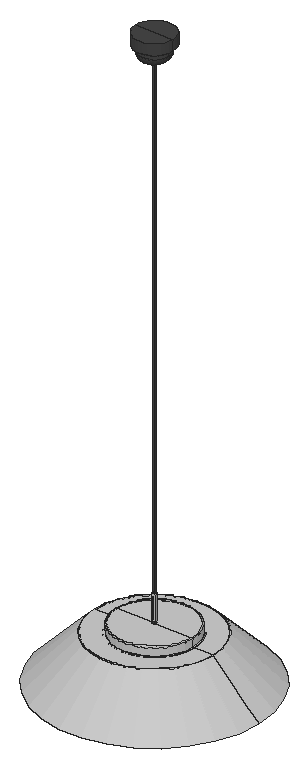
Revit family "Orchid 16,20,24,30 LED", category Lighting Fixtures, Revit 2020
Family settings
  Round Connector Dimension = Use Diameter
  Part Type = Normal
  OmniClass Number = 23.80.70.00
  OmniClass Title = Lighting
  Work Plane-Based = No
  Always vertical = Yes
  Cut with Voids When Loaded = No
  Light Source = Yes
  Shared = No
  Room Calculation Point = No
Parameters (values of type "MDO30")
  Weight = "8.5 lbs"
  Wattage Comments = "24W"
  Wattage = 2.4 W
  Warranty = "5 year limited warranty"  # constant formula
  built-in parameter 1150110 = 1 (stored number, unit not read)
  Voltage = 277 V
  URL = "https://www.anplighting.com/assets/Uploads/product-attachments/specification-sheets/ANP-Specification-Sheet-LED-MDO30.pdf"
  built-in parameter 1114217 = 1 (stored number, unit not read)
  Tilt Angle = 90.00°
  built-in parameter 1150109 = 1 (stored number, unit not read)
  built-in parameter 1150134 = (empty or 0)
  built-in parameter 1150113 = 1 (stored number, unit not read)
  Mounting Option [instance] = 1
  Power Factor = 1
  Post Mount [instance] = Mounting Option = 5  # no
  Placement X axis side [instance] = if(Post Mount, 2' 2 15/32", if(Cord or Stem Mount, 0' 0", if(E36 20 inch, 1' 8 1/4", if(E 6 26 inch, 2' 2", if(E7 41 inch, 3' 5 1/4", 0' 1")))))  # 0' - 0"
  Photometric Web File = "MDO24M024LD35K.IES"
  Model = "MDO30"
  Manufacturer = "ANP Lighting"  # constant formula
  MDO30 = yes
  MDO24 = no
  MDO20 = no
  MDO16 = no
  built-in parameter 1150105 = 3000 (stored number, unit not read)
  Lumens = 3000 lm
  built-in parameter 1150115 = 1 (stored number, unit not read)
  Load Classification = Lighting
  Light Source Height [instance] = 0' - 9"
  built-in parameter 1150137 = (empty or 0)
  built-in parameter 1150139 = (empty or 0)
  Light Elevation _2 [instance] = if(Post Mount, 0' 0.66142", if(E7 41 inch, 0' 0.66142", if(E36 20 inch, 0' 1.65748", if(E 6 26 inch, 0' 1.53543", if(Cord or Stem Mount, (0' 4.3622" + Cord Length), 0' 0")))))  # 6' - 4.3622"
  Light Elevation _1 [instance] = if(Post Mount, 0' 0", if(E7 41 inch, 0' 0", if(E36 20 inch, 0' 1", if(E 6 26 inch, 0' 0.87402", if(Cord or Stem Mount, (0' 3.66142" + Cord Length), 0' 0")))))  # 6' - 3.66142"
  Light Elevation [instance] = if(Post Mount, 14' 0.5315", if(E7 41 inch, 0' 0", 0' 0"))  # 0' - 0"
  Life = "L70 50,000 hours"  # constant formula
  built-in parameter 1150112 = 1 (stored number, unit not read)
  built-in parameter 1150114 = 1 (stored number, unit not read)
  Lamp = "LED"
  built-in parameter 1150132 = 2
  built-in parameter 1150102 = (empty or 0)
  built-in parameter 1150107 = 3500 (stored number, unit not read)
  built-in parameter 1150138 = (empty or 0)
  built-in parameter 1150106 = 30 (stored number, unit not read)
  GLASS = Glass
  Fixture Height = 0' - 10"
  Fixture Finish = Fixture Finish
  Fixture Diameter = 1' - 8"
  Efficiency = "65-125 lumens per watt"  # constant formula
  built-in parameter 1150104 = 116.13 (stored number, unit not read)
  E7 41 inch [instance] = Mounting Option = 4  # no
  E36 20 inch [instance] = Mounting Option = 3  # no
  E 6 26 inch [instance] = Mounting Option = 2  # no
  Dimming Lamp Color Temperature Shift = <None>
  Dimming = "1%"  # constant formula
  Description = "120-277 Voltage"  # constant formula
  Default Elevation = 0' - 0"
  Cord or Stem Mount [instance] = Mounting Option = 1  # yes
  Cord Length option [instance] = 0
  Cord Length [instance] = if([2' Cord], 2' 0", if([4' Cord], 4' 0", if([8' Cord], 8' 0", if([10' Cord], 10' 0", if([6' Cord], 6' 0", 6' 0")))))  # 6' - 0"
  Construction Material = "Heavy Duty spun aluminum."  # constant formula
  Color Filter = 16777215
  CRI = ">90"  # constant formula
  Body Material = body
  Body Colour = "Spun aluminium"  # constant formula
  built-in parameter 1114218 = 1 (stored number, unit not read)
  built-in parameter 1150133 = 10 (stored number, unit not read)
  Apparent Load = 24 VA
  8' Cord [instance] = Cord Length option = 8  # no
  6' Cord [instance] = Cord Length option = 6  # no
  4' Cord [instance] = Cord Length option = 4  # no
  2' Cord [instance] = Cord Length option = 2  # no
  10' Cord [instance] = Cord Length option = 10  # no
Types (5): name | Weight | Wattage Comments | Wattage | URL | Photometric Web File | Model | MDO30 | MDO24 | MDO20 | MDO16 | built-in parameter 1150105 | Lumens | Light Source Height | built-in parameter 1150106 | Fixture Height | Fixture Diameter | Apparent Load
  (no name) | "8.5 lbs" | "24W" | 2.4 W | "https://www.anplighting.com/assets/Uploads/product-attachments/specification-sheets/ANP-Specification-Sheet-LED-MDO30.pdf" | "MDO24M024LD35K.IES" | "MDO30" | yes | no | no | no | 3000 (stored number, unit not read) | 3000 lm | 0' - 9" | 30 (stored number, unit not read) | 0' - 10" | 1' - 8" | 24 VA
  MDO16 | "7 lbs" | "10W" | 1 W | "https://www.anplighting.com/assets/Uploads/product-attachments/specification-sheets/ANP-Specification-Sheet-LED-MDO16.pdf" | "MDO16M010LD35K.IES" | "MDO16" | no | no | no | yes | 1250 (stored number, unit not read) | 1250 lm | 0' - 5" | 12.5 (stored number, unit not read) | 0' - 5 3/4" | 1' - 4" | 10 VA
  MDO20 | "7.5 lbs" | "16W" | 1.6 W | "https://www.anplighting.com/assets/Uploads/product-attachments/specification-sheets/ANP-Specification-Sheet-LED-MDO20.pdf" | "MDO20M016LD35K.IES" | "MDO20" | no | no | yes | no | 2000 (stored number, unit not read) | 2000 lm | 0' - 6" | 20 (stored number, unit not read) | 0' - 6 1/2" | 1' - 8" | 16 VA
  MDO24 | "8.0 lbs" | "24W" | 2.4 W | "https://www.anplighting.com/assets/Uploads/product-attachments/specification-sheets/ANP-Specification-Sheet-LED-MDO24.pdf" | "MDO24M024LD35K.IES" | "MDO24" | no | yes | no | no | 3000 (stored number, unit not read) | 3000 lm | 0' - 7 1/2" | 30 (stored number, unit not read) | 0' - 8" | 2' - 0" | 24 VA
  MDO30 | "8.5 lbs" | "24W" | 2.4 W | "https://www.anplighting.com/assets/Uploads/product-attachments/specification-sheets/ANP-Specification-Sheet-LED-MDO30.pdf" | "MDO24M024LD35K.IES" | "MDO30" | yes | no | no | no | 3000 (stored number, unit not read) | 3000 lm | 0' - 9" | 30 (stored number, unit not read) | 0' - 10" | 1' - 8" | 24 VA
Reference planes (in)
  plane 1 "Light Source Axis (F/B)": y = 0
  plane 2: z = 0
  plane 3 "Light Source Axis (L/R)": x = 0
  plane 4 "Light Source Elevation": z = 0
  plane 5: z = 0
  plane 6: x = 0
  plane 7 "Bulb Position": z = -76.3622
  plane 8 "Canopy Position": z = -75.66142
  plane 9 "IES": z = -85.3622
Dimensions and locks (in)
  "Light Elevation": plane 5 to plane 2
  "Placement X axis side": plane 6 to plane 3 "Light Source Axis (L/R)"
  "Light Elevation _2": plane 5 to plane 7 "Bulb Position"
  "Light Elevation _1": plane 5 to plane 8 "Canopy Position"
  "Light Source Height": plane 7 "Bulb Position" to plane 9 "IES"
  locked: plane 4 "Light Source Elevation" to plane 2
  aligned and locked: level to plane 2
  aligned and locked: plane 1 "Light Source Axis (F/B)" to nested 5
  aligned and locked: nested 5 to plane 2
  aligned and locked: nested 1 to plane 3 "Light Source Axis (L/R)"
  aligned and locked: plane 3 "Light Source Axis (L/R)" to nested 2
  aligned and locked: plane 3 "Light Source Axis (L/R)" to nested 4
  aligned and locked: nested 3 to plane 5
  aligned and locked: plane 3 "Light Source Axis (L/R)" to nested 3
  aligned and locked: plane 3 "Light Source Axis (L/R)" to nested 5
  aligned and locked: plane 1 "Light Source Axis (F/B)" to nested 2
  aligned and locked: plane 1 "Light Source Axis (F/B)" to nested 1
  aligned and locked: plane 1 "Light Source Axis (F/B)" to nested 4
  aligned and locked: plane 1 "Light Source Axis (F/B)" to nested 3
  aligned and locked: plane 2 to nested 1
  aligned and locked: plane 2 to nested 2
  aligned and locked: nested 4 to plane 2
  aligned and locked: imposter light to plane 9 "IES"
  aligned and locked: imposter light to plane 6
  aligned and locked: nested 6 to plane 8 "Canopy Position"
  aligned and locked: nested 6 to plane 6
  aligned and locked: nested 8 to plane 8 "Canopy Position"
  aligned and locked: nested 8 to plane 6
  aligned and locked: nested 7 to plane 6
  aligned and locked: nested 7 to plane 8 "Canopy Position"
  aligned and locked: nested 9 to plane 6
  aligned and locked: nested 9 to plane 8 "Canopy Position"
Nested families (in)
  nested 1: "CORD OR STEM MOUNT" at (0, 0, -75.67), visible <- "Cord or Stem Mount", Cord or Stem Mount <- "Cord or Stem Mount", Body Material <- "Body Material", Light Elevation <- "Light Elevation", Cord Length <- "Cord Length", 10' Cord <- "10' Cord", 2' Cord <- "2' Cord", 4' Cord <- "4' Cord", 6' Cord <- "6' Cord", 8' Cord <- "8' Cord", type "CORD OR STEM MOUNT"
    with Light Elevation 0' - 0", Cord or Stem Mount yes, Cord Length 6' - 0", Body Material body, 8' Cord no, 6' Cord no, 4' Cord no, 2' Cord no, 10' Cord no
  nested 2: "E6 26 INCH" at (0, 0, 0), visible <- "E 6 26 inch", Chain Length <- "Cord Length", E 6 26 inch <- "E 6 26 inch", Placement X axis side <- "Placement X axis side", Body Material <- "Body Material", Light Elevation <- "Light Elevation", type "E6 26 INCH"
    with Placement X axis side 0' - 0", Light Elevation 0' - 0", E 6 26 inch no, Chain Length 6' - 0", Body Material body
  nested 3: "E7 41 INCH" at (0, 0, 0), Chain Length <- "Cord Length", visible <- "E7 41 inch", E7 41 inch <- "E7 41 inch", Placement X axis side <- "Placement X axis side", Body Material <- "Body Material", Light Elevation <- "Light Elevation", type "E7 41 INCH"
    with Placement X axis side 0' - 0", Light Elevation 0' - 0", E7 41 inch no, Chain Length 6' - 0", Body Material body
  nested 4: "E36 20 INCH" at (0, 0, 0), visible <- "E36 20 inch", E36 20 inch <- "E36 20 inch", Placement X axis side <- "Placement X axis side", Chain Length <- "Cord Length", Body Material <- "Body Material", Light Elevation <- "Light Elevation", type "E36 20 INCH"
    with Placement X axis side 0' - 0", Light Elevation 0' - 0", E36 20 inch no, Chain Length 6' - 0", Body Material body
  nested 5: "POST MOUNT" at (0, 0, 0), visible <- "Post Mount", Post Mount <- "Post Mount", Placement X axis side <- "Placement X axis side", Chain Length <- "Cord Length", Body Material <- "Body Material", Light Elevation <- "Light Elevation", type "POST MOUNT"
    with Post Mount no, Placement X axis side 0' - 0", Light Elevation 0' - 0", Chain Length 6' - 0", Body Material body
  nested 6: "MDO16" at (0, 0, -75.66142), Light Elevation <- "Light Elevation", Body <- "Fixture Finish", MDO16 <- "MDO16", visible <- "MDO16", GLASS <- "GLASS", type "MDO16"
    with MDO16 no, Light Elevation 0' - 0", GLASS Glass, Body Fixture Finish
  nested 7: "MDO20" at (0, 0, -75.66142), Light Elevation <- "Light Elevation", Body <- "Fixture Finish", MDO20 <- "MDO20", visible <- "MDO20", GLASS <- "GLASS", type "MDO20"
    with MDO20 no, Light Elevation 0' - 0", GLASS Glass, Body Fixture Finish
  nested 8: "MDO24" at (0, 0, -75.66142), Light Elevation <- "Light Elevation", Body <- "Fixture Finish", MDO24 <- "MDO24", GLASS <- "GLASS", visible <- "MDO24", type "MDO24"
    with MDO24 no, Light Elevation 0' - 0", GLASS Glass, Body Fixture Finish
  nested 9: "MDO30" at (0, 0, -75.66142), Light Elevation <- "Light Elevation", Body <- "Fixture Finish", visible <- "MDO30", GLASS <- "GLASS", MDO30 <- "MDO30", type "MDO30"
    with MDO30 yes, Light Elevation 0' - 0", GLASS Glass, Body Fixture Finish
Definition of nested family "CORD OR STEM MOUNT"
  Parameters (values of type "CORD OR STEM MOUNT")
    URL = ""
    Model = ""
    Manufacturer = ""
    Light Elevation [instance] = 1' - 7.69"
    Default Elevation = 0' - 0"
    Cord or Stem Mount [instance] = yes
    Cord Length [instance] = 6' - 0"
    Body Material [instance] = none
    8' Cord [instance] = no
    6' Cord [instance] = no
    4' Cord [instance] = no
    2' Cord [instance] = no
    10' Cord [instance] = no
  Reference planes (in)
    plane 1 "Light Source Axis (F/B)": y = 0
    plane 2: z = 0
    plane 3 "Light Source Axis (L/R)": x = 0
    plane 4 "Light Source Elevation": z = 23.125
    plane 5: z = 91.69
    plane 6: z = 19.69
  Forms (in)
    Extrusion 1, void, not visible
      sketch origin (0, 0, 2.38154) x (1, 0, 0) y (0, 0, 1)
        loop
          circle (0, 4.59925) r 0.16583
      from 1.18594 to 1.75
    Extrusion 2, void, not visible
      sketch origin (0, 0, 2.38154) x (0.707107, -0.707107, 0) y (0, 0, 1)
        loop
          circle (0, 4.59925) r 0.16583
      from 1.18594 to 1.75
    Extrusion 3, void, not visible
      sketch origin (0, 0, 2.38154) x (0.707107, 0.707107, 0) y (0, 0, 1)
        loop
          circle (0, 4.59925) r 0.16583
      from 1.18594 to 1.75
    Extrusion 4, void, not visible
      sketch origin (0, 0, 2.38154) x (0, 1, 0) y (0, 0, 1)
        loop
          circle (0, 4.59925) r 0.16583
      from 1.18594 to 1.75
    Extrusion 5, void, not visible
      sketch origin (0, 0, 2.38154) x (-0.707107, 0.707107, 0) y (0, 0, 1)
        loop
          circle (0, 4.59925) r 0.16583
      from 1.18594 to 1.75
    Extrusion 6, void, not visible
      sketch origin (0, 0, 2.38154) x (-1, 0, 0) y (0, 0, 1)
        loop
          circle (0, 4.59925) r 0.20678
      from 1.18594 to 1.75
    Extrusion 7, void, not visible
      sketch origin (0, 0, 2.38154) x (-0.707107, -0.707107, 0) y (0, 0, 1)
        loop
          circle (0, 4.59925) r 0.16583
      from 1.18594 to 1.75
    Extrusion 8, void, not visible
      sketch origin (0, 0, 2.38154) x (0, -1, 0) y (0, 0, 1)
        loop
          circle (0, 4.59925) r 0.16583
      from 1.18594 to 1.75
    Revolve 9, solid, material <- "Body Material", visible <- "Cord or Stem Mount"
      sketch origin (0, 0, 174.56698) x (1, 0, 0) y (0, 0, 1)
        loop
          line (2.6875, -79.20698) -> (0, -79.20698) -> (0, -82.87698) -> (0.125, -82.87698) -> (0.125, -82.83698) -> (0.75, -82.83698)
          arc (0.75, -82.83698) -> (0.81694, -82.77004) -> (0.75, -82.7031) r 0.06694
          line (0.75, -82.7031) -> (0.89763, -82.7031) -> (1.00223, -82.5985) -> (1.06587, -82.5985)
          arc (1.06587, -82.5985) -> (1.80099, -82.29401) -> (2.10549, -81.55888) r 1.03962
          line (2.10549, -81.55888) -> (2.10549, -81.03899)
          arc (2.10549, -81.03899) -> (2.12951, -80.981) -> (2.1875, -80.95698) r 0.08201
          line (2.1875, -80.95698) -> (2.1875, -80.70698) -> (2.6875, -80.70698) -> (2.6875, -79.20698)
        axis (0, -79.20698) -> (0, -82.87698)
      angle from 0 to 360
    Revolve 10, solid, material <- "Body Material", visible <- "Cord or Stem Mount"
      sketch origin (0, 0, 0) x (1, 0, 0) y (0, 0, 1)
        loop
          line (0, 91.69) -> (-0.125, 91.69) -> (-0.125, 19.69) -> (0, 19.69) -> (0, 91.69)
        axis (0, 19.69) -> (0, 91.69)
      angle from 0 to 360
  Dimensions and locks (in)
    "Light Elevation": plane 6 to plane 2
    "Cord Length": plane 5 to plane 6
    locked: Revolve 10 sketch curve to Revolve 10 sketch curve at 0.125
    aligned and locked: level to plane 2
    aligned and locked: Revolve 10 sketch curve to plane 3 "Light Source Axis (L/R)"
    aligned and locked: Revolve 10 sketch curve to plane 6
    aligned and locked: Revolve 10 sketch curve to plane 5
    aligned and locked: plane 3 "Light Source Axis (L/R)" to Revolve 10 sketch curve
  Automatic sketch dimensions
    Revolve 9 sketch curve to plane 3 "Light Source Axis (L/R)" = 0' - 0"  (x2)
    Revolve 9 sketch curve to plane 5 = 0' - 0"
    plane 3 "Light Source Axis (L/R)" to Revolve 9 sketch curve = 0' - 0 1/8"
    Revolve 9 sketch curve to plane 5 = 0' - 0.17388"
    Revolve 9 sketch curve to Revolve 9 sketch curve = 0' - 0 5/8"
    Revolve 9 sketch curve to Revolve 9 sketch curve = 0' - 0.14763"
    Revolve 9 sketch curve to plane 5 = 0' - 0.27847"
    Revolve 9 sketch curve to Revolve 9 sketch curve = 0' - 0.1046"
    Revolve 9 sketch curve to Revolve 9 sketch curve = 0' - 0.06364"
    Revolve 9 sketch curve to Revolve 9 sketch curve = 0' - 1.03962"
    Revolve 9 sketch curve to Revolve 9 sketch curve = 0' - 0 21/256"
    Revolve 9 sketch curve to Revolve 9 sketch curve = 0' - 0 1/2"  (x2)
    Revolve 9 sketch curve to Revolve 9 sketch curve = 0' - 0.51989"
    Revolve 9 sketch curve to Revolve 9 sketch curve = 0' - 0 1/4"
    Revolve 9 sketch curve to Revolve 9 sketch curve = 0' - 2.3519"
    Revolve 9 sketch curve to Revolve 9 sketch curve = 0' - 1 1/4"
    Revolve 9 sketch curve to Revolve 9 sketch curve = 0' - 0.04"
    Revolve 10 sketch curve to Revolve 10 sketch curve = 0' - 0 1/2"
    Revolve 10 sketch curve to Revolve 10 sketch curve = 0' - 0.42345"
Definition of nested family "MDO30"
  Parameters (values of type "MDO30")
    MDO30 [instance] = yes
    Light Elevation [instance] = 0' - 0"
    GLASS [instance] = none
    Default Elevation = 0' - 0"
    Body [instance] = none
  Reference planes (in)
    plane 1 "Center (Front/Back)": y = 0
    plane 2: z = 0
    plane 3 "Center (Left/Right)": x = 0
    plane 4: z = 0
  Dimensions and locks (in)
    "Light Elevation": plane 4 to plane 2
    aligned and locked: plane 2 to level
    aligned and locked: plane 3 "Center (Left/Right)" to nested 1
    aligned and locked: plane 1 "Center (Front/Back)" to nested 1
    aligned and locked: nested 1 to plane 4
  Nested families (in)
    nested 1: "ORCHID-MD030" at (0, 0, -10), Body <- "Body", GLASS <- "GLASS", visible <- "MDO30", MDO30 <- "MDO30", type "ORCHID-MD030"
      with MDO30 yes, GLASS none, Body none
  Definition of nested family "ORCHID-MD030"
    Parameters (values of type "ORCHID-MD030")
      MDO30 [instance] = yes
      GLASS [instance] = none
      Default Elevation = 0' - 0"
      Body [instance] = none
    Reference planes (in)
      plane 1 "Center (Front/Back)": y = 0
      plane 2: z = 0
      plane 3 "Center (Left/Right)": x = 0
    Forms (in)
      Revolve 1, solid, material <- "GLASS", visible <- "MDO30"
        sketch origin (0, 0, -1) x (1, 0, 0) y (0, 0, 1)
          loop
            line (-8.4375, 1) -> (-8.4375, 1.08) -> (-8.8125, 1.08)
            arc (-8.8125, 1.08) -> (-8.82857, 1.08297) -> (-8.84253, 1.09148) r 0.045
            line (-8.84253, 1.09148) -> (-11.78351, 3.72597) -> (-11.84016, 3.66932) -> (-8.8959, 1.03189)
            arc (-8.8959, 1.03189) -> (-8.85715, 1.00825) -> (-8.8125, 1) r 0.125
            line (-8.8125, 1) -> (-8.4375, 1)
          axis (0, 1) -> (0, 3.72597)
        angle from 0 to 360
      Revolve 2, solid, material <- "GLASS", visible <- "MDO30"
        sketch origin (0, 0, -1) x (1, 0, 0) y (0, 0, 1)
          loop
            line (0, 1.08) -> (0, 1.1425) -> (-8.75, 1.1425) -> (-8.75, 1.08) -> (0, 1.08)
          axis (0, 1.08) -> (0, 1.1425)
        angle from 0 to 360
      Revolve 3, solid, material <- "Body", visible <- "MDO30"
        sketch origin (0, 0, -1) x (1, 0, 0) y (0, 0, 1)
          loop
            line (-8.46686, 9.76375) -> (-5.75, 9.76375) -> (-5.53, 9.76375) -> (-5.53, 9.84375) -> (-8.47411, 9.84375)
            arc (-8.47411, 9.84375) -> (-8.49803, 9.83899) -> (-8.51831, 9.82544) r 0.0625
            line (-8.51831, 9.82544) -> (-15, 3.34375) -> (-14.88686, 3.34375) -> (-8.46686, 9.76375)
          axis (0, 3.34375) -> (0, 9.84375)
        angle from 0 to 360
      Revolve 4, solid, material <- "Body", visible <- "MDO30"
        sketch origin (0, 0, -1) x (1, 0, 0) y (0, 0, 1)
          loop
            line (-0.25, 10.90438) -> (-0.25, 11) -> (-5.39, 11)
            arc (-5.39, 11) -> (-5.46778, 10.96778) -> (-5.5, 10.89) r 0.11
            line (-5.5, 10.89) -> (-5.5, 9.84188) -> (-5.75, 9.84188) -> (-5.75, 9.76188) -> (-5.5, 9.76188)
            arc (-5.5, 9.76188) -> (-5.44343, 9.78531) -> (-5.42, 9.84188) r 0.08
            line (-5.42, 9.84188) -> (-5.42, 10.87438)
            arc (-5.42, 10.87438) -> (-5.41121, 10.89559) -> (-5.39, 10.90438) r 0.03
            line (-5.39, 10.90438) -> (-0.25, 10.90438)
          axis (0, 9.76188) -> (0, 11)
        angle from 0 to 360
      Revolve 5, solid, material <- "Body", visible <- "MDO30"
        sketch origin (0, 0, -1) x (1, 0, 0) y (0, 0, 1)
          loop
            line (-0.25, 11.34375) -> (-0.125, 11.34375) -> (-0.125, 14.84375) -> (-0.25, 14.84375) -> (-0.25, 11.34375)
          axis (0, 11.34375) -> (0, 14.84375)
        angle from 0 to 360
    Dimensions and locks (in)
      aligned and locked: plane 2 to level
Definition of nested family "E6 26 INCH"
  Parameters (values of type "E6 26 INCH")
    URL = ""
    Placement X axis side [instance] = 2' - 2"
    Model = ""
    Manufacturer = ""
    Light Elevation [instance] = 8' - 4"
    E 6 26 inch [instance] = yes
    Default Elevation = 0' - 0"
    Chain Length [instance] = 0' - 0"
    Body Material [instance] = none
  Reference planes (in)
    plane 1 "Light Source Axis (F/B)": y = 0
    plane 2: z = 0
    plane 3 "Light Source Axis (L/R)": x = 0
    plane 4 "Light Source Elevation": z = 23.125
    plane 5: z = 100
    plane 6: x = -26
    plane 7: z = 99.125
    plane 8: x = -24.12
    plane 9: x = -25.5474
  Forms (in)
    Extrusion 1, void, not visible
      sketch origin (0, 0, 2.38154) x (1, 0, 0) y (0, 0, 1)
        loop
          circle (0, 4.59925) r 0.16583
      from 1.18594 to 1.75
    Extrusion 2, void, not visible
      sketch origin (0, 0, 2.38154) x (0.707107, -0.707107, 0) y (0, 0, 1)
        loop
          circle (0, 4.59925) r 0.16583
      from 1.18594 to 1.75
    Extrusion 3, void, not visible
      sketch origin (0, 0, 2.38154) x (0.707107, 0.707107, 0) y (0, 0, 1)
        loop
          circle (0, 4.59925) r 0.16583
      from 1.18594 to 1.75
    Extrusion 4, void, not visible
      sketch origin (0, 0, 2.38154) x (0, 1, 0) y (0, 0, 1)
        loop
          circle (0, 4.59925) r 0.16583
      from 1.18594 to 1.75
    Extrusion 5, void, not visible
      sketch origin (0, 0, 2.38154) x (-0.707107, 0.707107, 0) y (0, 0, 1)
        loop
          circle (0, 4.59925) r 0.16583
      from 1.18594 to 1.75
    Extrusion 6, void, not visible
      sketch origin (0, 0, 2.38154) x (-1, 0, 0) y (0, 0, 1)
        loop
          circle (0, 4.59925) r 0.20678
      from 1.18594 to 1.75
    Extrusion 7, void, not visible
      sketch origin (0, 0, 2.38154) x (-0.707107, -0.707107, 0) y (0, 0, 1)
        loop
          circle (0, 4.59925) r 0.16583
      from 1.18594 to 1.75
    Extrusion 8, void, not visible
      sketch origin (0, 0, 2.38154) x (0, -1, 0) y (0, 0, 1)
        loop
          circle (0, 4.59925) r 0.16583
      from 1.18594 to 1.75
    Sweep 9, solid, material <- "Body Material", visible <- "E 6 26 inch"
      path origin (-41.25, 0, 168.51693) x (1, 0, 0) y (0, 0, 1)
        loop
          line (17.13, -68.51693) -> (27.68551, -68.51693)
          arc (27.68551, -68.51693) -> (28.47996, -68.34486) -> (29.13202, -67.8595) r 1.92004
          line (29.13202, -67.8595) -> (34.23651, -62.01155)
          arc (34.23651, -62.01155) -> (38.65464, -60.89667) -> (41.25, -64.64193) r 4
          line (41.25, -64.64193) -> (41.25, -69.39193)
      profile origin (-18.84224, 0, 100) x (0, 0, 1) y (0, -1, 0)
        loop
          circle (0, 0) r 0.5
    Revolve 10, solid, material <- "Body Material", visible <- "E 6 26 inch"
      sketch origin (-26, 0, 168.51693) x (1, 0, 0) y (0, 0, 1)
        loop
          line (0, -66.07943) -> (0, -68.51693) -> (1.88, -68.51693) -> (1.88, -67.69272) -> (0.4526, -67.69272) -> (0.4526, -66.54122) -> (0.33125, -66.54122) -> (0.33125, -66.07943) -> (0, -66.07943)
        axis (0, -68.51693) -> (1.88, -68.51693)
      angle from 0 to 360
    Extrusion 11, solid, material <- "Body Material", visible <- "E 6 26 inch"
      sketch origin (-26, 0, 168.51693) x (0, -1, 0) y (0, 0, -1)
        loop
          line (0.25, 68.51693) -> (0.25, 69.51693) -> (-0.25, 69.51693) -> (-0.25, 68.51693) -> (0.25, 68.51693)
      from 0.4526 to 1.88
  Cuts and joins
    joined: Revolve 10, Extrusion 11
  Dimensions and locks (in)
    "Light Elevation": plane 5 to plane 2
    "Placement X axis side": plane 3 "Light Source Axis (L/R)" to plane 6
    locked: plane 5 to plane 7 at 0.875
    Revolve 10 sketch curve to Revolve 10 sketch curve to Revolve 10 sketch curve to plane 6 = 0' - 1.4274" locked, 0' - 0.12135" locked, 0' - 0.33125" locked
    Revolve 10 sketch curve to Revolve 10 sketch curve to Revolve 10 sketch curve to plane 5 = 0' - 0.46179" locked, 0' - 1.1515" locked, 0' - 0 211/256" locked
    locked: Sweep 9 sketch curve to plane 6 at 1.88
    locked: Sweep 9 sketch curve to Sweep 9 sketch curve at 10.55551
    locked: Sweep 9 sketch curve to Sweep 9 sketch curve at 13.56449
    locked: Sweep 9 sketch curve to Sweep 9 sketch curve at 4.75
    locked: plane 9 to plane 6 at 0.4526
    locked: plane 8 to plane 9 at 1.4274
    aligned and locked: level to plane 2
    aligned and locked: Revolve 10 sketch curve to plane 6
    aligned and locked: plane 5 to Revolve 10 sketch curve
    aligned and locked: Revolve 10 sketch curve to plane 5
    aligned and locked: cut or joined group of Revolve 10, Extrusion 11 to plane 9
    aligned and locked: plane 8 to cut or joined group of Revolve 10, Extrusion 11
  Automatic sketch dimensions
    Sweep 9 sketch curve to plane 5 = 0' - 0"
    Sweep 9 sketch curve to Sweep 9 sketch curve = 0' - 4"
    Sweep 9 sketch curve to Sweep 9 sketch curve = 0' - 3.01349"
    plane 5 to Sweep 9 sketch curve = 0' - 0.65743"
    Sweep 9 sketch curve to Sweep 9 sketch curve = 0' - 1.4465"
    Sweep 9 sketch curve to plane 5 = 0' - 0 7/8"
    profile plane to Sweep 9 sketch curve = 0' - 0"
    Sweep 9 sketch curve to profile plane = 0' - 0"
    plane 6 to Revolve 10 sketch curve = 0' - 0.62562"
    Revolve 10 sketch curve to Revolve 10 sketch curve = 0' - 0 1/2"
    Extrusion 11 sketch curve to plane 5 = 0' - 0"
    plane 1 "Light Source Axis (F/B)" to Extrusion 11 sketch curve = 0' - 0 1/4"
    Extrusion 11 sketch curve to plane 1 "Light Source Axis (F/B)" = 0' - 0 1/4"
    plane 5 to Extrusion 11 sketch curve = 0' - 1"
    radius of Sweep 9 sketch curve = 0' - 0 1/2"
Definition of nested family "E7 41 INCH"
  Parameters (values of type "E7 41 INCH")
    URL = ""
    Placement X axis side [instance] = 4' - 2"
    Model = ""
    Manufacturer = ""
    Light Elevation [instance] = 8' - 4"
    E7 41 inch [instance] = yes
    Default Elevation = 0' - 0"
    Chain Length [instance] = 0' - 0"
    Body Material [instance] = none
  Reference planes (in)
    plane 1 "Light Source Axis (F/B)": y = 0
    plane 2: z = 0
    plane 3 "Light Source Axis (L/R)": x = 0
    plane 4 "Light Source Elevation": z = 23.125
    plane 5: z = 100
    plane 6: x = -50
  Forms (in)
    Extrusion 1, void, not visible
      sketch origin (0, 0, 2.38154) x (1, 0, 0) y (0, 0, 1)
        loop
          circle (0, 4.59925) r 0.16583
      from 1.18594 to 1.75
    Extrusion 2, void, not visible
      sketch origin (0, 0, 2.38154) x (0.707107, -0.707107, 0) y (0, 0, 1)
        loop
          circle (0, 4.59925) r 0.16583
      from 1.18594 to 1.75
    Extrusion 3, void, not visible
      sketch origin (0, 0, 2.38154) x (0.707107, 0.707107, 0) y (0, 0, 1)
        loop
          circle (0, 4.59925) r 0.16583
      from 1.18594 to 1.75
    Extrusion 4, void, not visible
      sketch origin (0, 0, 2.38154) x (0, 1, 0) y (0, 0, 1)
        loop
          circle (0, 4.59925) r 0.16583
      from 1.18594 to 1.75
    Extrusion 5, void, not visible
      sketch origin (0, 0, 2.38154) x (-0.707107, 0.707107, 0) y (0, 0, 1)
        loop
          circle (0, 4.59925) r 0.16583
      from 1.18594 to 1.75
    Extrusion 6, void, not visible
      sketch origin (0, 0, 2.38154) x (-1, 0, 0) y (0, 0, 1)
        loop
          circle (0, 4.59925) r 0.20678
      from 1.18594 to 1.75
    Extrusion 7, void, not visible
      sketch origin (0, 0, 2.38154) x (-0.707107, -0.707107, 0) y (0, 0, 1)
        loop
          circle (0, 4.59925) r 0.16583
      from 1.18594 to 1.75
    Extrusion 8, void, not visible
      sketch origin (0, 0, 2.38154) x (0, -1, 0) y (0, 0, 1)
        loop
          circle (0, 4.59925) r 0.16583
      from 1.18594 to 1.75
    Revolve 9, solid, material <- "Body Material", visible <- "E7 41 inch"
      sketch origin (-41.25, 0, 168.39193) x (1, 0, 0) y (0, 0, 1)
        loop
          line (-8.75, -66.20443) -> (-8.75, -68.51693) -> (-6.87, -68.51693) -> (-6.87, -67.69272) -> (-8.2974, -67.69272) -> (-8.2974, -66.54122) -> (-8.41875, -66.54122) -> (-8.41875, -66.20443) -> (-8.75, -66.20443)
        axis (-8.75, -68.51693) -> (-6.87, -68.51693)
      angle from 0 to 360
    Extrusion 10, solid, material <- "Body Material", visible <- "E7 41 inch"
      sketch origin (-41.25, 0, 168.39193) x (0, -1, 0) y (0, 0, -1)
        loop
          line (0.25, 68.51693) -> (0.25, 69.51693) -> (-0.25, 69.51693) -> (-0.25, 68.51693) -> (0.25, 68.51693)
      from -8.2974 to -6.87
    Sweep 11, solid, material <- "Body Material", visible <- "E7 41 inch"
      path origin (-41.25, 0, 168.39193) x (1, 0, 0) y (0, 0, 1)
        loop
          line (-6.87, -68.51693) -> (16.04011, -68.51693)
          arc (16.04011, -68.51693) -> (17.864, -68.13651) -> (19.38375, -67.0587) r 4.5625
          line (19.38375, -67.0587) -> (24.70217, -61.33018)
          arc (24.70217, -61.33018) -> (29.64465, -60.20324) -> (32.5, -64.39193) r 4.5
          line (32.5, -64.39193) -> (32.5, -68.39193)
      profile origin (-36.66494, 0, 99.875) x (0, 0, 1) y (0, -1, 0)
        loop
          circle (0, 0) r 0.5
  Dimensions and locks (in)
    "Placement X axis side": plane 3 "Light Source Axis (L/R)" to plane 6
    "Light Elevation": plane 5 to plane 2
    locked: Revolve 9 sketch curve to Revolve 9 sketch curve at 0.33125
    locked: Revolve 9 sketch curve to Revolve 9 sketch curve at 0.4526
    locked: Revolve 9 sketch curve to Revolve 9 sketch curve at 1.88
    locked: Revolve 9 sketch curve to Revolve 9 sketch curve at 0.82421
    locked: Revolve 9 sketch curve to Revolve 9 sketch curve at 1.1515
    locked: Revolve 9 sketch curve to Revolve 9 sketch curve at 0.33679
    locked: plane 5 to Revolve 9 sketch curve at 0.125
    locked: Extrusion 10 sketch curve to Extrusion 10 sketch curve at 0.5
    locked: Extrusion 10 sketch curve to Extrusion 10 sketch curve at 1
    locked: plane 5 to Extrusion 10 sketch curve at 0.125
    locked: plane 5 to Sweep 11 sketch curve at 0.125
    locked: Sweep 11 sketch curve to Sweep 11 sketch curve at 39.37
    locked: Sweep 11 sketch curve to Sweep 11 sketch curve at 4
    locked: plane 6 to Extrusion 10 at 0.4526
    locked: Sweep 11 sketch curve to plane 6 at 1.88
    locked: Extrusion 10 to Extrusion 10 at 1.4274
    aligned and locked: plane 2 to level
    aligned and locked: Revolve 9 sketch curve to plane 6
  Automatic sketch dimensions
    Revolve 9 sketch curve to plane 5 = 0' - 0 1/8"
    plane 6 to Revolve 9 sketch curve = 0' - 0.62562"
    Revolve 9 sketch curve to Revolve 9 sketch curve = 0' - 0 1/2"
    plane 1 "Light Source Axis (F/B)" to Extrusion 10 sketch curve = 0' - 0 1/4"
    Sweep 11 sketch curve to plane 5 = 0' - 0"
    Sweep 11 sketch curve to Sweep 11 sketch curve = 0' - 4 1/2"
    Sweep 11 sketch curve to Sweep 11 sketch curve = 0' - 3.29783"
    plane 5 to Sweep 11 sketch curve = 0' - 1.33323"
    Sweep 11 sketch curve to Sweep 11 sketch curve = 0' - 5.31842"
    Sweep 11 sketch curve to Sweep 11 sketch curve = 0' - 3.34364"
    profile plane to Sweep 11 sketch curve = 0' - 0"
    Sweep 11 sketch curve to profile plane = 0' - 0"
    radius of Sweep 11 sketch curve = 0' - 0 1/2"
Definition of nested family "E36 20 INCH"
  Parameters (values of type "E36 20 INCH")
    URL = ""
    Placement X axis side [instance] = 1' - 8 1/4"
    Model = ""
    Manufacturer = ""
    Light Elevation [instance] = 8' - 4"
    E36 20 inch [instance] = yes
    Default Elevation = 0' - 0"
    Chain Length [instance] = 0' - 0"
    Body Material [instance] = none
  Reference planes (in)
    plane 1 "Light Source Axis (F/B)": y = 0
    plane 2: z = 0
    plane 3 "Light Source Axis (L/R)": x = 0
    plane 4 "Light Source Elevation": z = 23.125
    plane 5: z = 99
    plane 6: x = -20.25
    plane 7: z = 100
    plane 8: x = -18.37008
    plane 9: x = -19.79724
  Forms (in)
    Extrusion 1, void, not visible
      sketch origin (0, 0, 2.38154) x (1, 0, 0) y (0, 0, 1)
        loop
          circle (0, 4.59925) r 0.16583
      from 1.18594 to 1.75
    Extrusion 2, void, not visible
      sketch origin (0, 0, 2.38154) x (0.707107, -0.707107, 0) y (0, 0, 1)
        loop
          circle (0, 4.59925) r 0.16583
      from 1.18594 to 1.75
    Extrusion 3, void, not visible
      sketch origin (0, 0, 2.38154) x (0.707107, 0.707107, 0) y (0, 0, 1)
        loop
          circle (0, 4.59925) r 0.16583
      from 1.18594 to 1.75
    Extrusion 4, void, not visible
      sketch origin (0, 0, 2.38154) x (0, 1, 0) y (0, 0, 1)
        loop
          circle (0, 4.59925) r 0.16583
      from 1.18594 to 1.75
    Extrusion 5, void, not visible
      sketch origin (0, 0, 2.38154) x (-0.707107, 0.707107, 0) y (0, 0, 1)
        loop
          circle (0, 4.59925) r 0.16583
      from 1.18594 to 1.75
    Extrusion 6, void, not visible
      sketch origin (0, 0, 2.38154) x (-1, 0, 0) y (0, 0, 1)
        loop
          circle (0, 4.59925) r 0.20678
      from 1.18594 to 1.75
    Extrusion 7, void, not visible
      sketch origin (0, 0, 2.38154) x (-0.707107, -0.707107, 0) y (0, 0, 1)
        loop
          circle (0, 4.59925) r 0.16583
      from 1.18594 to 1.75
    Extrusion 8, void, not visible
      sketch origin (0, 0, 2.38154) x (0, -1, 0) y (0, 0, 1)
        loop
          circle (0, 4.59925) r 0.16583
      from 1.18594 to 1.75
    Sweep 9, solid, material <- "Body Material", visible <- "E36 20 inch"
      path origin (-41.25, 0, 169.51693) x (1, 0, 0) y (0, 0, 1)
        loop
          line (22.88, -69.51693) -> (28.93827, -69.51693)
          arc (28.93827, -69.51693) -> (29.97705, -69.28152) -> (30.81284, -68.62128) r 2.40953
          line (30.81284, -68.62128) -> (34.13807, -64.50378)
          arc (34.13807, -64.50378) -> (38.58272, -63.24548) -> (41.25, -67.01693) r 4
          line (41.25, -67.01693) -> (41.25, -70.51693)
      profile origin (-15.34086, 0, 100) x (0, 0, 1) y (0, -1, 0)
        loop
          circle (0, 0) r 0.5
    Revolve 10, solid, material <- "Body Material", visible <- "E36 20 inch"
      sketch origin (-20.25, 0, 169.51693) x (1, 0, 0) y (0, 0, 1)
        loop
          line (0, -67.20443) -> (0, -69.51693) -> (1.88, -69.51693) -> (1.88, -68.69272) -> (0.4526, -68.69272) -> (0.4526, -67.54122) -> (0.33125, -67.54122) -> (0.33125, -67.20443) -> (0, -67.20443)
        axis (0, -69.51693) -> (1.88, -69.51693)
      angle from 0 to 360
    Extrusion 11, solid, material <- "Body Material", visible <- "E36 20 inch"
      sketch origin (-20.25, 0, 169.51693) x (0, -1, 0) y (0, 0, -1)
        loop
          line (0.25, 69.51693) -> (0.25, 70.51693) -> (-0.25, 70.51693) -> (-0.25, 69.51693) -> (0.25, 69.51693)
      from 1.87992 to 0.45276
  Cuts and joins
    joined: Revolve 10, Extrusion 11
  Dimensions and locks (in)
    "Light Elevation": plane 7 to plane 2
    "Placement X axis side": plane 3 "Light Source Axis (L/R)" to plane 6
    locked: plane 7 to plane 5 at 1
    Revolve 10 sketch curve to Revolve 10 sketch curve to Revolve 10 sketch curve to plane 7 = 0' - 0.33679" locked, 0' - 1.1515" locked, 0' - 0 211/256" locked
    locked: Sweep 9 sketch curve to plane 6 at 1.88
    locked: Sweep 9 sketch curve to Sweep 9 sketch curve at 6.05827
    locked: Sweep 9 sketch curve to Sweep 9 sketch curve at 12.31173
    locked: Sweep 9 sketch curve to Sweep 9 sketch curve at 3.5
    Revolve 10 sketch curve to Revolve 10 sketch curve to Revolve 10 sketch curve to plane 6 = 0' - 1.4274" locked, 0' - 0.12135" locked, 0' - 0.33125" locked
    locked: plane 9 to plane 6 at 0.45276
    locked: plane 8 to plane 9 at 1.42717
    aligned and locked: level to plane 2
    aligned and locked: plane 7 to Revolve 10 sketch curve
    aligned and locked: Revolve 10 sketch curve to plane 7
    aligned and locked: Revolve 10 sketch curve to plane 6
    aligned and locked: cut or joined group of Revolve 10, Extrusion 11 to plane 9
    aligned and locked: plane 8 to cut or joined group of Revolve 10, Extrusion 11
  Automatic sketch dimensions
    Sweep 9 sketch curve to plane 7 = 0' - 0"
    Sweep 9 sketch curve to plane 5 = 0' - 0"
    Sweep 9 sketch curve to Sweep 9 sketch curve = 0' - 4"
    Sweep 9 sketch curve to plane 7 = 0' - 0.89565"
    Sweep 9 sketch curve to Sweep 9 sketch curve = 0' - 3.32523"
    Sweep 9 sketch curve to Sweep 9 sketch curve = 0' - 1.87457"
    profile plane to Sweep 9 sketch curve = 0' - 0"
    Sweep 9 sketch curve to profile plane = 0' - 0"
    plane 6 to Revolve 10 sketch curve = 0' - 0.62562"
    Revolve 10 sketch curve to Revolve 10 sketch curve = 0' - 0 1/2"
    plane 7 to Extrusion 11 sketch curve = 0' - 0"
    Extrusion 11 sketch curve to plane 5 = 0' - 0"
    plane 1 "Light Source Axis (F/B)" to Extrusion 11 sketch curve = 0' - 0 1/4"
    Extrusion 11 sketch curve to plane 1 "Light Source Axis (F/B)" = 0' - 0 1/4"
    radius of Sweep 9 sketch curve = 0' - 0 1/2"
Definition of nested family "POST MOUNT"
  Parameters (values of type "POST MOUNT")
    URL = ""
    Post Mount [instance] = yes
    Placement X axis side [instance] = 2' - 2 1/2"
    Model = ""
    Manufacturer = ""
    Light Elevation [instance] = 14' - 0.5168"
    Default Elevation = 0' - 0"
    Chain Length [instance] = 0' - 0"
    Body Material [instance] = none
  Reference planes (in)
    plane 1 "Light Source Axis (F/B)": y = 0
    plane 2: z = 0
    plane 3 "Light Source Axis (L/R)": x = 0
    plane 4 "Light Source Elevation": z = 23.125
    plane 5: x = -26.5
    plane 6: z = 168.5168
  Forms (in)
    Extrusion 1, void, not visible
      sketch origin (0, 0, 2.38154) x (1, 0, 0) y (0, 0, 1)
        loop
          circle (0, 4.59925) r 0.16583
      from 1.18594 to 1.75
    Extrusion 2, void, not visible
      sketch origin (0, 0, 2.38154) x (0.707107, -0.707107, 0) y (0, 0, 1)
        loop
          circle (0, 4.59925) r 0.16583
      from 1.18594 to 1.75
    Extrusion 3, void, not visible
      sketch origin (0, 0, 2.38154) x (0.707107, 0.707107, 0) y (0, 0, 1)
        loop
          circle (0, 4.59925) r 0.16583
      from 1.18594 to 1.75
    Extrusion 4, void, not visible
      sketch origin (0, 0, 2.38154) x (0, 1, 0) y (0, 0, 1)
        loop
          circle (0, 4.59925) r 0.16583
      from 1.18594 to 1.75
    Extrusion 5, void, not visible
      sketch origin (0, 0, 2.38154) x (-0.707107, 0.707107, 0) y (0, 0, 1)
        loop
          circle (0, 4.59925) r 0.16583
      from 1.18594 to 1.75
    Extrusion 6, void, not visible
      sketch origin (0, 0, 2.38154) x (-1, 0, 0) y (0, 0, 1)
        loop
          circle (0, 4.59925) r 0.20678
      from 1.18594 to 1.75
    Extrusion 7, void, not visible
      sketch origin (0, 0, 2.38154) x (-0.707107, -0.707107, 0) y (0, 0, 1)
        loop
          circle (0, 4.59925) r 0.16583
      from 1.18594 to 1.75
    Extrusion 8, void, not visible
      sketch origin (0, 0, 2.38154) x (0, -1, 0) y (0, 0, 1)
        loop
          circle (0, 4.59925) r 0.16583
      from 1.18594 to 1.75
    Revolve 9, solid, material <- "Body Material", visible <- "Post Mount"
      sketch origin (-7.90508, 0, 0) x (1, 0, 0) y (0, 0, 1)
        loop
          line (-18.59492, 3.92912) -> (-16.29831, 3.92912) -> (-16.29831, 4.2668) -> (-16.91413, 4.2668) -> (-16.91413, 134.5168) -> (-17.16413, 134.5168) -> (-17.16413, 137.3918) -> (-17.05979, 137.3918)
          arc (-17.05979, 137.3918) -> (-16.93479, 137.5168) -> (-17.05979, 137.6418) r 0.125
          line (-17.05979, 137.6418) -> (-17.48032, 137.6418) -> (-17.48032, 139.0793) -> (-17.73032, 139.0793) -> (-17.73032, 139.5793) -> (-18.59492, 139.5793) -> (-18.59492, 3.92912)
        axis (-18.59492, 139.5793) -> (-18.59492, 3.92912)
      angle from 0 to 360
    Extrusion 10, solid, material <- "Body Material", visible <- "Post Mount"
      sketch origin (0, 0, 0) x (1, 0, 0) y (0, 1, 0)
        loop
          line (-20.5, 5.93079) -> (-32.5, 5.93079) -> (-32.5, -6.06921) -> (-20.5, -6.06921) -> (-20.5, 5.93079)
      from 0 to 3.92912
    Sweep 11, solid, material <- "Body Material", visible <- "Post Mount"
      path origin (0, 0, 48.5) x (1, 0, 0) y (0, 0, 1)
        loop
          line (0, 120.0168) -> (0, 128.0168)
          arc (0, 128.0168) -> (-13.25, 141.2668) -> (-26.5, 128.0168) r 13.25
          line (-26.5, 128.0168) -> (-26.5, 91.0793)
      profile origin (0, 0, 172.5168) x (-1, 0, 0) y (0, -1, 0)
        loop
          circle (0, 0) r 0.5
    Revolve 12, solid, material <- "Body Material", visible <- "Post Mount"
      sketch origin (0, 0, 0) x (1, 0, 0) y (0, 0, 1)
        loop
          line (0, 168.5168) -> (0.75, 168.5168) -> (0.75, 170.7668) -> (0, 170.7668) -> (0, 168.5168)
        axis (0, 170.7668) -> (0, 168.5168)
      angle from 0 to 360
  Cuts and joins
    joined: Revolve 9, Extrusion 10, Sweep 11, Revolve 12
  Dimensions and locks (in)
    "Placement X axis side": plane 3 "Light Source Axis (L/R)" to plane 5
    "Light Elevation": plane 6 to plane 2
    locked: Revolve 12 sketch curve to plane 5 at 26.5  (x2)
    locked: Revolve 9 sketch curve to plane 2 at 3.92912
    locked: Revolve 9 sketch curve to plane 5 at 2.29661
    locked: Revolve 9 sketch curve to plane 5 at 1.68079
    locked: Revolve 9 sketch curve to plane 5 at 1.43079
    locked: Revolve 9 sketch curve to plane 5 at 1.11461
    locked: Revolve 9 sketch curve to plane 5 at 0.86461
    locked: Revolve 9 sketch curve to Revolve 9 sketch curve at 130.58768
    locked: Revolve 9 sketch curve to Revolve 9 sketch curve at 2.875
    locked: Revolve 9 sketch curve to Revolve 9 sketch curve at 0.25
    locked: Revolve 9 sketch curve to Revolve 9 sketch curve at 1.4375
    locked: Revolve 9 sketch curve to Revolve 9 sketch curve at 0.5
    locked: Sweep 11 sketch curve to Sweep 11 sketch curve at 26.5
    locked: Revolve 12 sketch curve to Revolve 12 sketch curve at 0.75
    locked: cut or joined group of Revolve 9, Extrusion 10, Sweep 11, Revolve 12 to plane 2 at 139.5793
    aligned and locked: level to plane 2
    aligned and locked: plane 5 to Sweep 11 sketch curve
    aligned and locked: Revolve 9 sketch curve to plane 5
  Automatic sketch dimensions
    Revolve 9 sketch curve to plane 5 = 0' - 0"
    Revolve 9 sketch curve to Revolve 9 sketch curve = 0' - 0.10434"
    Revolve 9 sketch curve to Revolve 9 sketch curve = 0' - 0.33768"
    Revolve 9 sketch curve to Revolve 9 sketch curve = 0' - 0 1/4"
    Revolve 9 sketch curve to Revolve 9 sketch curve = 0' - 0 7/16"
    Extrusion 10 sketch curve to plane 5 = 0' - 6"
    plane 5 to Extrusion 10 sketch curve = 0' - 6"
    plane 1 "Light Source Axis (F/B)" to Extrusion 10 sketch curve = 0' - 6.06921"
    Extrusion 10 sketch curve to plane 1 "Light Source Axis (F/B)" = 0' - 5.93079"
    Sweep 11 sketch curve to profile plane = 0' - 0"
    profile plane to Sweep 11 sketch curve = 0' - 0"
    Sweep 11 sketch curve to plane 6 = 0' - 0"
    Sweep 11 sketch curve to plane 6 = 0' - 8"
    plane 6 to Sweep 11 sketch curve = 2' - 4 15/16"
    Revolve 12 sketch curve to plane 6 = 0' - 0"
    Revolve 12 sketch curve to plane 6 = 0' - 2 1/4"
    Revolve 12 sketch curve to Revolve 12 sketch curve = 0' - 0 1/2"
    Revolve 12 sketch curve to Revolve 12 sketch curve = 0' - 0"
    radius of Sweep 11 sketch curve = 0' - 0 1/2"
Definition of nested family "MDO16"
  Parameters (values of type "MDO16")
    MDO16 [instance] = yes
    Light Elevation [instance] = 0' - 0"
    GLASS [instance] = none
    Default Elevation = 0' - 0"
    Body [instance] = none
  Reference planes (in)
    plane 1 "Center (Front/Back)": y = 0
    plane 2: z = 0
    plane 3 "Center (Left/Right)": x = 0
    plane 4: z = 0
  Dimensions and locks (in)
    "Light Elevation": plane 4 to plane 2
    aligned and locked: plane 2 to level
    aligned and locked: plane 3 "Center (Left/Right)" to nested 1
    aligned and locked: plane 1 "Center (Front/Back)" to nested 1
    aligned and locked: nested 1 to plane 4
  Nested families (in)
    nested 1: "ORCHID-MD016" at (0, 0, -5.75), Body <- "Body", GLASS <- "GLASS", visible <- "MDO16", MDO16 <- "MDO16", type "ORCHID-MD016"
      with MDO16 yes, GLASS none, Body none
  Definition of nested family "ORCHID-MD016"
    Parameters (values of type "ORCHID-MD016")
      MDO16 [instance] = yes
      GLASS [instance] = none
      Default Elevation = 0' - 0"
      Body [instance] = none
    Reference planes (in)
      plane 1 "Center (Front/Back)": y = 0
      plane 2: z = 0
      plane 3 "Center (Left/Right)": x = 0
    Forms (in)
      Revolve 1, solid, material <- "Body", visible <- "MDO16"
        sketch origin (0, 0, -1) x (1, 0, 0) y (0, 0, 1)
          loop
            line (-0.25, 6.25) -> (-0.125, 6.25) -> (-0.125, 9.75) -> (-0.25, 9.75) -> (-0.25, 6.25)
          axis (0, 6.25) -> (0, 9.75)
        angle from 0 to 360
      Revolve 2, solid, material <- "Body", visible <- "MDO16"
        sketch origin (0, 0, -1) x (1, 0, 0) y (0, 0, 1)
          loop
            line (-2.5, 6.17) -> (-2.75, 6.17) -> (-2.75, 6.09) -> (-2.42, 6.09) -> (-2.42, 6.64)
            arc (-2.42, 6.64) -> (-2.41121, 6.66121) -> (-2.39, 6.67) r 0.03
            line (-2.39, 6.67) -> (-0.25, 6.67) -> (-0.25, 6.75) -> (-2.39, 6.75)
            arc (-2.39, 6.75) -> (-2.46778, 6.71778) -> (-2.5, 6.64) r 0.11
            line (-2.5, 6.64) -> (-2.5, 6.17)
          axis (0, 6.09) -> (0, 6.75)
        angle from 0 to 360
      Revolve 3, solid, material <- "Body", visible <- "MDO16"
        sketch origin (0, 0, -1) x (1, 0, 0) y (0, 0, 1)
          loop
            line (-2.53, 6.17) -> (-2.53, 6.25) -> (-3.97411, 6.25)
            arc (-3.97411, 6.25) -> (-3.99803, 6.24524) -> (-4.01831, 6.23169) r 0.0625
            line (-4.01831, 6.23169) -> (-8, 2.25) -> (-7.88686, 2.25) -> (-3.96686, 6.17) -> (-2.53, 6.17)
          axis (0, 2.25) -> (0, 6.25)
        angle from 0 to 360
      Revolve 4, solid, material <- "GLASS", visible <- "MDO16"
        sketch origin (0, 0, -1) x (1, 0, 0) y (0, 0, 1)
          loop
            line (-4.5, 1) -> (-4.5, 1.08) -> (-4.875, 1.08)
            arc (-4.875, 1.08) -> (-4.89226, 1.08344) -> (-4.90687, 1.09323) r 0.045
            line (-4.90687, 1.09323) -> (-6.15104, 2.34165) -> (-6.20761, 2.28508) -> (-4.96354, 1.03676)
            arc (-4.96354, 1.03676) -> (-4.92293, 1.00956) -> (-4.875, 1) r 0.125
            line (-4.875, 1) -> (-4.5, 1)
          axis (0, 1) -> (0, 2.34165)
        angle from 0 to 360
      Revolve 5, solid, material <- "GLASS", visible <- "MDO16"
        sketch origin (0, 0, -1) x (1, 0, 0) y (0, 0, 1)
          loop
            line (0, 1.08) -> (0, 1.1425) -> (-4.625, 1.1425) -> (-4.625, 1.08) -> (0, 1.08)
          axis (0, 1.08) -> (0, 1.1425)
        angle from 0 to 360
    Dimensions and locks (in)
      aligned and locked: plane 2 to level
Definition of nested family "MDO20"
  Parameters (values of type "MDO20")
    MDO20 [instance] = yes
    Light Elevation [instance] = 0' - 0"
    GLASS [instance] = none
    Default Elevation = 0' - 0"
    Body [instance] = none
  Reference planes (in)
    plane 1 "Center (Front/Back)": y = 0
    plane 2: z = 0
    plane 3 "Center (Left/Right)": x = 0
    plane 4: z = 0
  Dimensions and locks (in)
    "Light Elevation": plane 4 to plane 2
    aligned and locked: plane 2 to level
    aligned and locked: plane 3 "Center (Left/Right)" to nested 1
    aligned and locked: plane 1 "Center (Front/Back)" to nested 1
    aligned and locked: nested 1 to plane 4
  Nested families (in)
    nested 1: "ORCHID-MD020" at (0, 0, -6.5), GLASS <- "GLASS", Body <- "Body", visible <- "MDO20", MDO20 <- "MDO20", type "ORCHID-MD020"
      with MDO20 yes, GLASS none, Body none
  Definition of nested family "ORCHID-MD020"
    Parameters (values of type "ORCHID-MD020")
      MDO20 [instance] = yes
      GLASS [instance] = none
      Default Elevation = 0' - 0"
      Body [instance] = none
    Reference planes (in)
      plane 1 "Center (Front/Back)": y = 0
      plane 2: z = 0
      plane 3 "Center (Left/Right)": x = 0
    Forms (in)
      Revolve 1, solid, material <- "Body", visible <- "MDO20"
        sketch origin (0, 0, -1.1875) x (1, 0, 0) y (0, 0, 1)
          loop
            line (-0.25, 7.6875) -> (-0.125, 7.6875) -> (-0.125, 10.67289) -> (-0.25, 10.67289) -> (-0.25, 7.6875)
          axis (0, 7.6875) -> (0, 10.67289)
        angle from 0 to 360
      Revolve 2, solid, material <- "Body", visible <- "MDO20"
        sketch origin (0, 0, -1) x (1, 0, 0) y (0, 0, 1)
          loop
            arc (-3.39, 7.5) -> (-3.46778, 7.46778) -> (-3.5, 7.39) r 0.11
            line (-3.5, 7.39) -> (-3.5, 6.76998) -> (-3.75, 6.76998) -> (-3.75, 6.68998) -> (-3.5, 6.68998)
            arc (-3.5, 6.68998) -> (-3.44343, 6.71341) -> (-3.42, 6.76998) r 0.08
            line (-3.42, 6.76998) -> (-3.42, 7.38998)
            arc (-3.42, 7.38998) -> (-3.41121, 7.41119) -> (-3.39, 7.41998) r 0.03
            line (-3.39, 7.41998) -> (-0.25, 7.41998) -> (-0.25, 7.5) -> (-3.39, 7.5)
          axis (0, 6.68998) -> (0, 7.5)
        angle from 0 to 360
      Revolve 3, solid, material <- "Body", visible <- "MDO20"
        sketch origin (0, 0, -1) x (1, 0, 0) y (0, 0, 1)
          loop
            line (-3.75, 6.69148) -> (-3.53, 6.69148) -> (-3.53, 6.77148) -> (-5.76513, 6.77148)
            arc (-5.76513, 6.77148) -> (-5.78904, 6.76673) -> (-5.80932, 6.75318) r 0.0625
            line (-5.80932, 6.75318) -> (-10, 2.5625) -> (-9.88686, 2.5625) -> (-5.75788, 6.69148) -> (-3.75, 6.69148)
          axis (0, 2.5625) -> (0, 6.77148)
        angle from 0 to 360
      Revolve 4, solid, material <- "GLASS"
        sketch origin (0, 0, -1) x (1, 0, 0) y (0, 0, 1)
          loop
            line (-5.625, 1) -> (-5.625, 1.08) -> (-6, 1.08)
            arc (-6, 1.08) -> (-6.01681, 1.08326) -> (-6.03119, 1.09257) r 0.045
            line (-6.03119, 1.09257) -> (-7.55965, 2.5625) -> (-7.67506, 2.5625) -> (-6.08665, 1.0349)
            arc (-6.08665, 1.0349) -> (-6.04671, 1.00905) -> (-6, 1) r 0.125
            line (-6, 1) -> (-5.625, 1)
          axis (0, 1) -> (0, 2.5625)
        angle from 0 to 360
      Revolve 5, solid, material <- "GLASS"
        sketch origin (0, 0, -1) x (1, 0, 0) y (0, 0, 1)
          loop
            line (0, 1.08) -> (0, 1.1425) -> (-5.75, 1.1425) -> (-5.75, 1.08) -> (0, 1.08)
          axis (0, 1.08) -> (0, 1.1425)
        angle from 0 to 360
    Dimensions and locks (in)
      aligned and locked: plane 2 to level
Definition of nested family "MDO24"
  Parameters (values of type "MDO24")
    MDO24 [instance] = yes
    Light Elevation [instance] = 0' - 0"
    GLASS [instance] = none
    Default Elevation = 0' - 0"
    Body [instance] = none
  Reference planes (in)
    plane 1 "Center (Front/Back)": y = 0
    plane 2: z = 0
    plane 3 "Center (Left/Right)": x = 0
    plane 4: z = 0
  Dimensions and locks (in)
    "Light Elevation": plane 4 to plane 2
    aligned and locked: plane 2 to level
    aligned and locked: plane 3 "Center (Left/Right)" to nested 1
    aligned and locked: plane 1 "Center (Front/Back)" to nested 1
    aligned and locked: nested 1 to plane 4
  Nested families (in)
    nested 1: "ORCHID-MD024" at (0, 0, -8), GLASS <- "GLASS", Body <- "Body", visible <- "MDO24", MDO24 <- "MDO24", type "ORCHID-MD024"
      with MDO24 yes, GLASS none, Body none
  Definition of nested family "ORCHID-MD024"
    Parameters (values of type "ORCHID-MD024")
      MDO24 [instance] = yes
      GLASS [instance] = none
      Default Elevation = 0' - 0"
      Body [instance] = none
    Reference planes (in)
      plane 1 "Center (Front/Back)": y = 0
      plane 2: z = 0
      plane 3 "Center (Left/Right)": x = 0
    Forms (in)
      Revolve 1, solid, material <- "Body", visible <- "MDO24"
        sketch origin (0, 0, -1.22656) x (1, 0, 0) y (0, 0, 1)
          loop
            line (-0.25, 9.2187) -> (-0.125, 9.2187) -> (-0.125, 12.7187) -> (-0.25, 12.7187) -> (-0.25, 9.2187)
          axis (0, 9.2187) -> (0, 12.7187)
        angle from 0 to 360
      Revolve 2, solid, material <- "Body", visible <- "MDO24"
        sketch origin (0, 0, -1) x (1, 0, 0) y (0, 0, 1)
          loop
            line (-0.25, 8.92) -> (-0.25, 9) -> (-4.39, 9)
            arc (-4.39, 9) -> (-4.46778, 8.96778) -> (-4.5, 8.89) r 0.11
            line (-4.5, 8.89) -> (-4.5, 8.06067) -> (-4.78, 8.06067) -> (-4.78, 7.98067) -> (-4.5, 7.98067)
            arc (-4.5, 7.98067) -> (-4.44343, 8.0041) -> (-4.42, 8.06067) r 0.08
            line (-4.42, 8.06067) -> (-4.42, 8.89)
            arc (-4.42, 8.89) -> (-4.41121, 8.91121) -> (-4.39, 8.92) r 0.03
            line (-4.39, 8.92) -> (-0.25, 8.92)
          axis (0, 7.98067) -> (0, 9)
        angle from 0 to 360
      Revolve 3, solid, material <- "Body", visible <- "MDO24"
        sketch origin (0, 0, -1) x (1, 0, 0) y (0, 0, 1)
          loop
            line (-6.77936, 7.9825) -> (-4.78, 7.9825) -> (-4.53, 7.9825) -> (-4.53, 8.0625) -> (-6.78661, 8.0625)
            arc (-6.78661, 8.0625) -> (-6.81053, 8.05774) -> (-6.83081, 8.04419) r 0.0625
            line (-6.83081, 8.04419) -> (-12, 2.875) -> (-11.88686, 2.875) -> (-6.77936, 7.9825)
          axis (0, 2.875) -> (0, 8.0625)
        angle from 0 to 360
      Revolve 4, solid, material <- "GLASS", visible <- "MDO24"
        sketch origin (0, 0, -1) x (1, 0, 0) y (0, 0, 1)
          loop
            line (-6.76864, 1) -> (-6.76864, 1.08) -> (-7.14364, 1.08) -> (-9.18866, 3.12502) -> (-9.24523, 3.06845) -> (-7.21339, 1.03661)
            arc (-7.21339, 1.03661) -> (-7.17284, 1.00952) -> (-7.125, 1) r 0.125
            line (-7.125, 1) -> (-6.76864, 1)
          axis (0, 1) -> (0, 3.12502)
        angle from 0 to 360
      Revolve 5, solid, material <- "GLASS", visible <- "MDO24"
        sketch origin (0, 0, -1) x (1, 0, 0) y (0, 0, 1)
          loop
            line (0, 1.08) -> (0, 1.1425) -> (-7, 1.1425) -> (-7, 1.08) -> (0, 1.08)
          axis (0, 1.08) -> (0, 1.1425)
        angle from 0 to 360
    Dimensions and locks (in)
      aligned and locked: plane 2 to level
